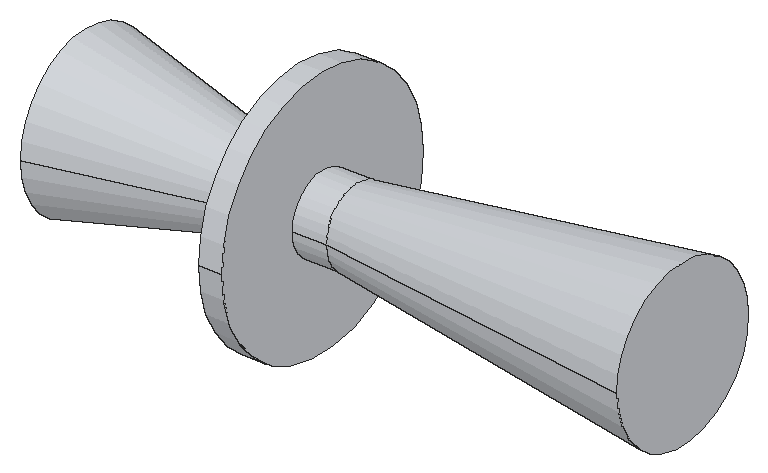
Revit family "935fe069c6ed4a969e6dab3c2ed9d0d8", category Pipe Accessories, Revit 2021
Family settings
  Round Connector Dimension = Use Radius
  Part Type = Breaks Into
  OmniClass Number = 23.60.10.17
  OmniClass Title = Flow Meters
  Seek Item ID = Venturi Flow Meter - 6-48 Inch-0000-USA-ENU
  Work Plane-Based = No
  Always vertical = Yes
  Cut with Voids When Loaded = No
  Shared = No
Parameters (values of type "6"")
  Throat Radius = Throat Diameter / 2  # 0' - 1 87/256"
  Throat Diameter = 0' - 2 87/128"
  Plate Radius = Plate Diameter / 2  # 0' - 4 3/8"
  Plate Diameter = 0' - 8 3/4"
  Overall Length = 1' - 8 179/256"
  Outside Radius = Outside Diameter / 2  # 0' - 2.84961"
  Outside Diameter = 0' - 5 179/256"
  Nominal Radius = 3"
  Nominal Diameter = 2 * Nominal Radius  # 6"
  Length 3 = 0' - 3 13/64"
  Length 2 = 1' - 0 1/2"
  Length 1 = 0' - 7 51/128"
  Half Symbol Height = Half Overall Length * tan(30.00°)  # 0' - 5.97535"
  Half Overall Length = Overall Length / 2  # 0' - 10.34961"
  Half Outside Radius = Outside Radius / 2  # 0' - 1.4248"
  Flow Meter Material = none
  Default Elevation = 0' - 0"
Types (14): name | Throat Radius | Throat Diameter | Plate Radius | Plate Diameter | Overall Length | Outside Radius | Outside Diameter | Nominal Radius | Nominal Diameter | Length 3 | Length 2 | Length 1 | Half Symbol Height | Half Overall Length | Half Outside Radius
  (no name) | 0' - 1 87/256" | 0' - 2 87/128" | 0' - 4 3/8" | 0' - 8 3/4" | 1' - 8 179/256" | 0' - 2.84961" | 0' - 5 179/256" | 3" | 6" | 0' - 3 13/64" | 1' - 0 1/2" | 0' - 7 51/128" | 0' - 5.97535" | 0' - 10.34961" | 0' - 1.4248"
  6" | 0' - 1 87/256" | 0' - 2 87/128" | 0' - 4 3/8" | 0' - 8 3/4" | 1' - 8 179/256" | 0' - 2.84961" | 0' - 5 179/256" | 3" | 6" | 0' - 3 13/64" | 1' - 0 1/2" | 0' - 7 51/128" | 0' - 5.97535" | 0' - 10.34961" | 0' - 1.4248"
  8" | 0' - 1 101/128" | 0' - 3 37/64" | 0' - 5 1/2" | 0' - 11" | 2' - 3 115/128" | 0' - 3 205/256" | 0' - 7 77/128" | 4" | 8" | 0' - 3 3/16" | 1' - 4 205/256" | 0' - 10 77/256" | 0' - 8.05359" | 1' - 1 243/256" | 0' - 1.90039"
  10" | 0' - 2.38477" | 0' - 4 197/256" | 0' - 6.68945" | 1' - 1 97/256" | 2' - 10 13/128" | 0' - 4 3/4" | 0' - 9 1/2" | 5" | 10" | 0' - 3 39/64" | 1' - 8 179/256" | 1' - 0 1/2" | 0' - 9.84427" | 1' - 5 13/256" | 0' - 2 3/8"
  12" | 0' - 2.88086" | 0' - 5 195/256" | 0' - 8.06445" | 1' - 4 33/256" | 3' - 4 115/128" | 0' - 5 179/256" | 0' - 11 51/128" | 6" | 12" | 0' - 3 13/64" | 2' - 0 115/128" | 1' - 3 51/256" | 0' - 11.80636" | 1' - 8 115/256" | 0' - 2.84961"
  14" | 0' - 3.13086" | 0' - 6 67/256" | 0' - 8 7/8" | 1' - 5 3/4" | 4' - 1 77/128" | 0' - 6.65039" | 1' - 1 77/256" | 7" | 14" | 0' - 3 19/32" | 2' - 5 77/128" | 1' - 7 13/128" | 1' - 2.31874" | 2' - 0 205/256" | 0' - 3.3252"
  16" | 0' - 3.59961" | 0' - 7 51/256" | 0' - 10 1/8" | 1' - 8 1/4" | 4' - 8 179/256" | 0' - 7.59961" | 1' - 3 51/256" | 8" | 16" | 0' - 3 39/64" | 2' - 9 115/128" | 1' - 9 115/128" | 1' - 4.36765" | 2' - 4.34961" | 0' - 3.7998"
  18" | 0' - 4 41/128" | 0' - 8 41/64" | 0' - 10.81445" | 1' - 9 161/256" | 5' - 1 115/128" | 0' - 8 141/256" | 1' - 5 13/128" | 9" | 18" | 0' - 3 19/32" | 3' - 1 1/2" | 1' - 11 1/2" | 1' - 5.86854" | 2' - 6 243/256" | 0' - 4.27539"
  20" | 0' - 5 5/128" | 0' - 10 5/64" | 0' - 11.93945" | 1' - 11 225/256" | 5' - 6 77/128" | 0' - 9 1/2" | 1' - 7" | 10" | 20" | 0' - 3 13/64" | 3' - 4 205/256" | 2' - 1" | 1' - 7.22622" | 2' - 9 77/256" | 0' - 4 3/4"
  24" | 0' - 5.75977" | 0' - 11 133/256" | 1' - 2 1/8" | 2' - 4 1/4" | 6' - 10 77/128" | 0' - 11.40039" | 1' - 10 205/256" | 12" | 24" | 0' - 3 39/64" | 4' - 2 51/256" | 2' - 7 1/2" | 1' - 11.84502" | 3' - 5 77/256" | 0' - 5.7002"
  30" | 0' - 6 123/256" | 1' - 0 123/128" | 1' - 5 3/8" | 2' - 10 3/4" | 9' - 0 13/128" | 1' - 2 1/4" | 2' - 4 1/2" | 15" | 30" | 0' - 5 13/64" | 5' - 4" | 3' - 6 205/256" | 2' - 7.20623" | 4' - 6 13/256" | 0' - 7 1/8"
  36" | 0' - 8 133/256" | 1' - 5 5/128" | 1' - 8 5/8" | 3' - 5 1/4" | 10' - 4 205/256" | 1' - 5.09961" | 2' - 10 51/256" | 18" | 36" | 0' - 4 13/16" | 6' - 3 179/256" | 3' - 11 115/128" | 3' - 0.02688" | 5' - 2.40039" | 0' - 8.5498"
  42" | 0' - 9 23/64" | 1' - 6 23/32" | 2' - 0" | 4' - 0" | 12' - 5 179/256" | 1' - 7 243/256" | 3' - 3 115/128" | 21" | 42" | 0' - 6" | 7' - 5 1/2" | 4' - 10 179/256" | 3' - 7.21444" | 6' - 2.84961" | 0' - 9.97461"
  48" | 0' - 10 205/256" | 1' - 9 77/128" | 2' - 3 1/4" | 4' - 6 1/2" | 14' - 2 1/2" | 1' - 10 205/256" | 3' - 9 77/128" | 24" | 48" | 0' - 6" | 8' - 6 77/256" | 5' - 6 179/256" | 4' - 1.21911" | 7' - 1 1/4" | 0' - 11.40039"
Reference planes (in)
  plane 1 "Center (Front/Back)": y = 0
  plane 2: z = 0
  plane 3 "Center (Left/Right)": x = 0
  plane 4: x = -1.60156
  plane 5: x = 1.60156
  plane 6: x = -0.40039
  plane 7: x = 0.40039
  plane 8: x = -7.79883
  plane 9: x = 12.90039
  plane 10: x = 2.55078
  plane 11: y = 5.97535
  plane 12: y = -5.97535
  plane 13: y = 8.82496
  plane 14: y = 11.67457
  plane 15: through (2.55078, 11.67457, 48) normal (-0.7071, 0.7071, 0)
Forms (in)
  Extrusion 1, solid, material <- "Flow Meter Material", detail levels fine
    sketch origin (0, 0, 0) x (0, 1, 0) y (0, 0, 1)
      loop
        circle (0, 0) r 4.375
    from -0.40039 to 0.40039
  Extrusion 2, solid, material <- "Flow Meter Material", detail levels fine
    sketch origin (0, 0, 0) x (0, 1, 0) y (0, 0, 1)
      loop
        circle (0, 0) r 1.33984
    from -1.60156 to -0.40039
  Extrusion 3, solid, material <- "Flow Meter Material", detail levels fine
    sketch origin (0, 0, 0) x (0, 1, 0) y (0, 0, 1)
      loop
        circle (0, 0) r 1.33984
    from 0.40039 to 1.60156
  Blend 4, solid, material <- "Flow Meter Material", detail levels fine
    base sketch origin (0, 0, 0) x (0, 1, 0) y (0, 0, 1)
      loop
        circle (0, 0) r 1.33984
    top sketch origin (0, 0, 0) x (0, 1, 0) y (0, 0, 1)
      loop
        circle (0, 0) r 2.84961
    from -1.60156 to -7.79883
  Blend 5, solid, material <- "Flow Meter Material", detail levels fine
    base sketch origin (0, 0, 0) x (0, 1, 0) y (0, 0, 1)
      loop
        circle (0, 0) r 1.33984
    top sketch origin (0, 0, 0) x (0, 1, 0) y (0, 0, 1)
      loop
        circle (0, 0) r 2.84961
    from 1.60156 to 12.90039
  Extrusion 6, solid, material <- "Flow Meter Material", detail levels fine
    sketch origin (0, 0, 0) x (0, 1, 0) y (0, 0, 1)
      loop
        circle (0, 0) r 0.25
    from -7.79883 to -1.60156
  Extrusion 7, solid, material <- "Flow Meter Material", detail levels fine
    sketch origin (0, 0, 0) x (0, 1, 0) y (0, 0, 1)
      loop
        circle (0, 0) r 0.25
    from 1.60156 to 12.90039
Cuts and joins
  joined: Extrusion 1, Extrusion 2, Extrusion 3, Blend 4, Blend 5, Extrusion 6, Extrusion 7
Lines and regions (in)
  model lines, detail levels coarse+medium
    curve 1: line (12.90039, 5.97535, 0) -> (-7.79883, -5.97535, 0)
    curve 2: line (-7.79883, 5.97535, 0) -> (12.90039, -5.97535, 0)
    curve 3: line (-7.79883, 5.97535, 0) -> (-7.79883, -5.97535, 0)
    curve 4: line (12.90039, 5.97535, 0) -> (12.90039, -5.97535, 0)
    curve 5: line (2.55078, 8.82496, 0) -> (2.55078, 0, 0)
    curve 6: circle (2.55078, 11.67457, 0) r 2.84961 normal (0, 0, 1)
    curve 7: line (0.5358, 9.65959, 0) -> (4.56576, 13.68955, 0)
    curve 8: line (4.56576, 13.68955, 0) -> (4.31834, 12.28639, 0)
    curve 9: line (4.56576, 13.68955, 0) -> (3.1626, 13.44213, 0)
Dimensions and locks (in)
  equal spacing: plane 4, plane 3 "Center (Left/Right)", plane 5
  "Length 3": plane 4 to plane 5
  "Length 1": plane 8 to plane 6
  "Length 2": plane 7 to plane 9
  "Overall Length": plane 8 to plane 9
  equal spacing: plane 6, plane 3 "Center (Left/Right)", plane 7
  equal spacing: plane 8, plane 10, plane 9
  "Half Symbol Height": plane 11 to plane 1 "Center (Front/Back)"
  "Half Symbol Height": plane 1 "Center (Front/Back)" to plane 12
  "Outside Radius": plane 13 to plane 11
  "Outside Radius": plane 14 to plane 13
  "Half Outside Radius": curve 8 to curve 8
  "Half Outside Radius": curve 9 to curve 9
  "Plate Radius": radius of Extrusion 1 sketch curve
  "Throat Radius": radius of Extrusion 2 sketch curve
  "Throat Radius": radius of Extrusion 3 sketch curve
  "Throat Radius": radius of Blend 4 sketch curve
  "Outside Radius": radius of Blend 4 sketch curve
  "Throat Radius": radius of Blend 5 sketch curve
  "Outside Radius": radius of Blend 5 sketch curve
  radius of Extrusion 6 sketch curve = 0' - 0 1/4"
  radius of Extrusion 7 sketch curve = 0' - 0 1/4"
  "Outside Radius": radius of curve 6
  locked: plane 14 to plane 15 (angle 45.00°)
  locked: curve 8 to plane 15 (angle 145.00°)
  locked: plane 15 to curve 9 (angle 145.00°)
  aligned and locked: plane 2 to Extrusion 1 sketch curve
  aligned and locked: plane 1 "Center (Front/Back)" to Extrusion 1 sketch curve
  aligned and locked: Extrusion 1 to plane 6
  aligned and locked: plane 7 to Extrusion 1
  aligned and locked: plane 2 to Extrusion 2 sketch curve
  aligned and locked: plane 1 "Center (Front/Back)" to Extrusion 2 sketch curve
  aligned and locked: Extrusion 2 to plane 4
  aligned and locked: plane 6 to Extrusion 2
  aligned and locked: plane 2 to Extrusion 3 sketch curve
  aligned and locked: plane 1 "Center (Front/Back)" to Extrusion 3 sketch curve
  aligned and locked: Extrusion 3 to plane 7
  aligned and locked: plane 5 to Extrusion 3
  aligned and locked: plane 2 to Blend 4 sketch curve
  aligned and locked: plane 1 "Center (Front/Back)" to Blend 4 sketch curve
  aligned and locked: Blend 4 to plane 4
  aligned and locked: Blend 4 to plane 8
  aligned and locked: plane 2 to Blend 5 sketch curve  (x2)
  aligned and locked: plane 1 "Center (Front/Back)" to Blend 5 sketch curve  (x2)
  aligned and locked: Blend 5 to plane 5
  aligned and locked: plane 9 to Blend 5
  aligned and locked: plane 2 to Extrusion 6 sketch curve
  aligned and locked: plane 1 "Center (Front/Back)" to Extrusion 6 sketch curve
  aligned and locked: Extrusion 6 to plane 8
  aligned and locked: plane 4 to Extrusion 6
  aligned and locked: plane 2 to Extrusion 7 sketch curve
  aligned and locked: plane 1 "Center (Front/Back)" to Extrusion 7 sketch curve
  aligned and locked: Extrusion 7 to plane 5
  aligned and locked: plane 9 to Extrusion 7
  aligned and locked: plane 11 to curve 1
  aligned and locked: plane 8 to curve 1
  aligned and locked: plane 9 to curve 2
  aligned and locked: plane 11 to curve 2
  aligned and locked: plane 12 to curve 4
  aligned and locked: curve 4 to plane 9
  aligned and locked: plane 12 to curve 3
  aligned and locked: curve 3 to plane 8
  aligned and locked: plane 1 "Center (Front/Back)" to curve 5
  aligned and locked: curve 5 to plane 10
  aligned and locked: plane 14 to curve 6
  aligned and locked: plane 10 to curve 6
  aligned and locked: curve 7 to plane 15
Automatic sketch dimensions
  Blend 4 sketch curve to level = 0' - 0"
  Blend 4 sketch curve to plane 1 "Center (Front/Back)" = 0' - 0"
  curve 9 to plane 15 = 0' - 0"
Connectors (in)
  piping at (-7.79883, 0, 0), diameter 6, driven by "Nominal Radius"
    settings: on Extrusion 6, index 1, connector inside diameter 6", connector length 0' - 0", flow factor 0, pipe flow 0 GPM, pressure drop 0.00 psi, fitting loss kfactor 0, connector angle 0.00°, fixture units 0, engagement length 0' - 0", angle of deflection 0.00°, flow configuration 0, flow direction 1, fitting loss method 4, system type 29, joint type 0, gender type 0, connector reference index 2, connector utility 0, adjustable connector no, is connector primary yes, connector description "In"
  piping at (12.90039, 0, 0), diameter 6, driven by "Nominal Radius"
    settings: on Extrusion 7, index 2, connector inside diameter 6", connector length 0' - 0", flow factor 0, pipe flow 0 GPM, pressure drop 0.00 psi, fitting loss kfactor 0, connector angle 0.00°, fixture units 0, engagement length 0' - 0", angle of deflection 0.00°, flow configuration 0, flow direction 2, fitting loss method 4, system type 29, joint type 0, gender type 0, connector reference index 1, connector utility 0, adjustable connector no, is connector primary no, connector description "Out"
